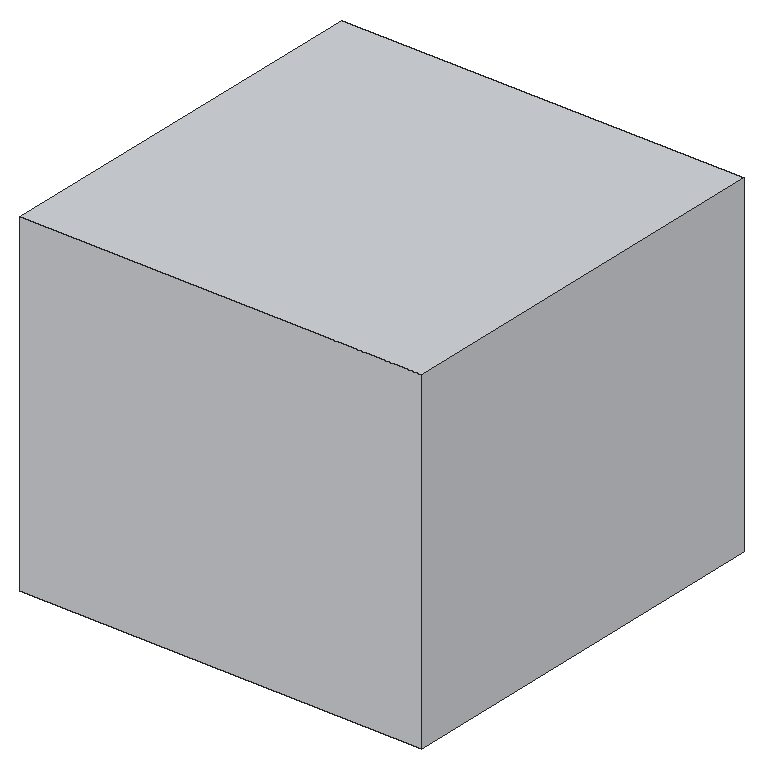
Revit family "defaultFamily_2023", category Generic Models, Revit 2023
Family settings
  Can host rebar = No
  Round Connector Dimension = Use Diameter
  Part Type = Normal
  Work Plane-Based = No
  Always vertical = Yes
  Cut with Voids When Loaded = No
  Maintain Annotation Orientation = No
  Shared = No
  Room Calculation Point = No
Parameters
  Default Elevation = 0 mm
Reference planes
  plane 1 "Center (Front/Back)": y = 0
  plane 2: z = 0
  plane 3 "Center (Left/Right)": x = 0
Forms (mm)
  Extrusion 1, solid
    sketch origin (0, 0, 0) x (1, 0, 0) y (0, 1, 0)
      loop
        line (0, 0) -> (300, 0) -> (300, 300) -> (0, 300) -> (0, 0)
    from 0 to 250
Dimensions and locks
  aligned and locked: level to plane 2
